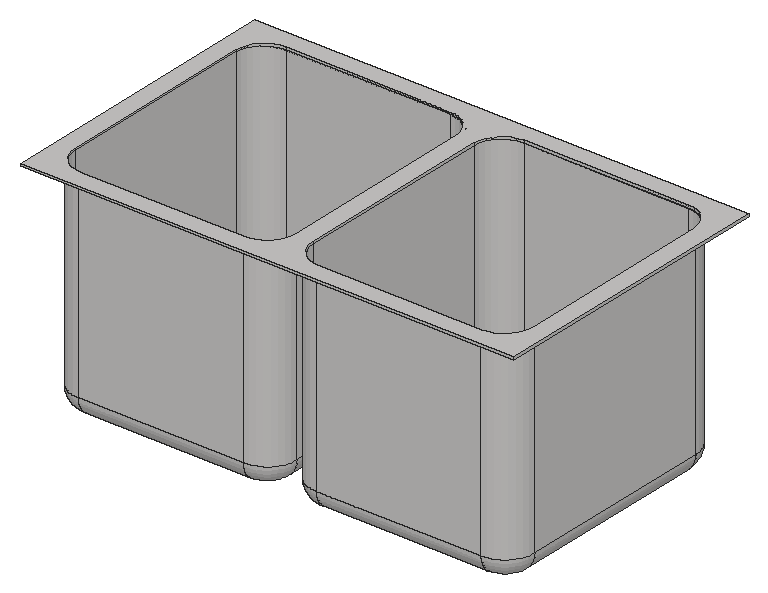
Revit family "QF_Vollrath_12122-1", category Specialty Equipment, Revit 2016
Family settings
  Part Type = Normal
  Round Connector Dimension = Use Diameter
  OmniClass Number = 23.40.40.14.31
  OmniClass Title = Cleaning and Disposal Equipment
  Work Plane-Based = Yes
  Always vertical = Yes
  Cut with Voids When Loaded = No
  Shared = No
  Room Calculation Point = No
Parameters
  Width = 2' - 3"
  Weight in Pounds = 0
  Watermarked By = "http://revitwatermark.com"
  URL Cutsheet = ""
  Status [instance] = ""
  Specification by User [instance] = ""
  Specification by Manufacturer [instance] = ""
  Sink Width = 2' - 1"
  Sink Depth = 1' - 2"
  Sink Basin Depth = 1' - 0"
  Serial Number [instance] = ""
  Seismic Rating [instance] = ""
  SMACNA No [instance] = ""
  Revision Code [instance] = ""
  NAFEM Spec ID Number [instance] = ""
  Model = "12122-1"
  Masterspec [instance] = ""
  Manufacturer = "Vollrath"
  Item Number [instance] = "-"
  Installed By [instance] = ""
  Indirect Waste Size = 2"
  Indirect Waste Flow [instance] = 0.00 GPM
  Indirect Waste Connection Type [instance] = ""
  Indirect Waste Connection Height [instance] = 0' - 0"
  Furnished By [instance] = ""
  Foodservice Equipment Identifier [instance] = yes
  Description = "Undermount Sink"  # constant formula
  Depth = 1' - 4"
  Default Elevation = 4' - 0"
  CSI MasterFormat = ""
Reference planes (in)
  plane 1 "BACK": y = 0
  plane 2 "BOTTOM": z = 0
  plane 3 "LEFT": x = 0
  plane 4 "RIGHT": x = 27
  plane 5 "FRONT": y = -16
  plane 6: x = 13.5
  plane 7: y = -8
  plane 8: y = -1
  plane 9: y = -15
  plane 10: x = 1
  plane 11: x = 26
  plane 12 "Sink Bottom": z = -12
  plane 13: x = 13
  plane 14: x = 14
  plane 15: x = 7
  plane 16: x = 20
  plane 17: y = -5.6875
Forms (in)
  Extrusion 1, solid, material "QF_Finishes_Stainless Steel"
    sketch origin (0, 0, 0) x (1, 0, 0) y (0, 1, 0)
      loop
        line (0, -16) -> (27, -16) -> (27, 0) -> (0, 0) -> (0, -16)
      loop
        arc (2.5, -1) -> (1.43934, -1.43934) -> (1, -2.5) r 1.5
        line (1, -2.5) -> (1, -13.5)
        arc (1, -13.5) -> (1.43934, -14.56066) -> (2.5, -15) r 1.5
        line (2.5, -15) -> (11.5, -15)
        arc (11.5, -15) -> (12.56066, -14.56066) -> (13, -13.5) r 1.5
        line (13, -13.5) -> (13, -2.5)
        arc (13, -2.5) -> (12.56066, -1.43934) -> (11.5, -1) r 1.5
        line (11.5, -1) -> (2.5, -1)
      loop
        arc (15.5, -1) -> (14.43934, -1.43934) -> (14, -2.5) r 1.5
        line (14, -2.5) -> (14, -13.5)
        arc (14, -13.5) -> (14.43934, -14.56066) -> (15.5, -15) r 1.5
        line (15.5, -15) -> (24.5, -15)
        arc (24.5, -15) -> (25.56066, -14.56066) -> (26, -13.5) r 1.5
        line (26, -13.5) -> (26, -2.5)
        arc (26, -2.5) -> (25.56066, -1.43934) -> (24.5, -1) r 1.5
        line (24.5, -1) -> (15.5, -1)
    from 0 to 0.125
  Sweep 2, solid, material "QF_Finishes_Stainless Steel"
    path in 3D
      loop
        arc (11.5, -1, 0.125) -> (12.56066, -1.43934, 0.125) -> (13, -2.5, 0.125) r 1.5
        line (13, -2.5, 0.125) -> (13, -13.5, 0.125)
        arc (13, -13.5, 0.125) -> (12.56066, -14.56066, 0.125) -> (11.5, -15, 0.125) r 1.5
        line (11.5, -15, 0.125) -> (2.5, -15, 0.125)
        arc (2.5, -15, 0.125) -> (1.43934, -14.56066, 0.125) -> (1, -13.5, 0.125) r 1.5
        line (1, -13.5, 0.125) -> (1, -2.5, 0.125)
        arc (1, -2.5, 0.125) -> (1.43934, -1.43934, 0.125) -> (2.5, -1, 0.125) r 1.5
        line (2.5, -1, 0.125) -> (11.5, -1, 0.125)
    profile origin (7, -1, 0.125) x (0, 1, 0) y (0, 0, 1)
      loop
        line (0.125, -0.125) -> (0, -0.125) -> (0, -11)
        arc (0, -11) -> (-0.29289, -11.70711) -> (-1, -12) r 1
        line (-1, -12) -> (-1, -12.125)
        arc (-1, -12.125) -> (-0.2045, -11.7955) -> (0.125, -11) r 1.125
        line (0.125, -11) -> (0.125, -0.125)
  Sweep 3, solid, material "QF_Finishes_Stainless Steel"
    path in 3D
      loop
        arc (24.5, -1, 0.125) -> (25.56066, -1.43934, 0.125) -> (26, -2.5, 0.125) r 1.5
        line (26, -2.5, 0.125) -> (26, -13.5, 0.125)
        arc (26, -13.5, 0.125) -> (25.56066, -14.56066, 0.125) -> (24.5, -15, 0.125) r 1.5
        line (24.5, -15, 0.125) -> (15.5, -15, 0.125)
        arc (15.5, -15, 0.125) -> (14.43934, -14.56066, 0.125) -> (14, -13.5, 0.125) r 1.5
        line (14, -13.5, 0.125) -> (14, -2.5, 0.125)
        arc (14, -2.5, 0.125) -> (14.43934, -1.43934, 0.125) -> (15.5, -1, 0.125) r 1.5
        line (15.5, -1, 0.125) -> (24.5, -1, 0.125)
    profile origin (20, -1, 0.125) x (0, 1, 0) y (0, 0, 1)
      loop
        line (0.125, -0.125) -> (0, -0.125) -> (0, -11)
        arc (0, -11) -> (-0.29289, -11.70711) -> (-1, -12) r 1
        line (-1, -12) -> (-1, -12.125)
        arc (-1, -12.125) -> (-0.2045, -11.7955) -> (0.125, -11) r 1.125
        line (0.125, -11) -> (0.125, -0.125)
  Extrusion 4, solid, material "QF_Finishes_Stainless Steel"
    sketch origin (0, 0, -12) x (-1, 0, 0) y (0, -1, 0)
      loop
        line (-11.5, 2) -> (-2.5, 2)
        arc (-2.5, 2) -> (-2.14645, 2.14645) -> (-2, 2.5) r 0.5
        line (-2, 2.5) -> (-2, 13.5)
        arc (-2, 13.5) -> (-2.14645, 13.85355) -> (-2.5, 14) r 0.5
        line (-2.5, 14) -> (-11.5, 14)
        arc (-11.5, 14) -> (-11.85355, 13.85355) -> (-12, 13.5) r 0.5
        line (-12, 13.5) -> (-12, 2.5)
        arc (-12, 2.5) -> (-11.85355, 2.14645) -> (-11.5, 2) r 0.5
      loop
        line (-15, 2.5) -> (-15, 13.5)
        arc (-15, 13.5) -> (-15.14645, 13.85355) -> (-15.5, 14) r 0.5
        line (-15.5, 14) -> (-24.5, 14)
        arc (-24.5, 14) -> (-24.85355, 13.85355) -> (-25, 13.5) r 0.5
        line (-25, 13.5) -> (-25, 2.5)
        arc (-25, 2.5) -> (-24.85355, 2.14645) -> (-24.5, 2) r 0.5
        line (-24.5, 2) -> (-15.5, 2)
        arc (-15.5, 2) -> (-15.14645, 2.14645) -> (-15, 2.5) r 0.5
      loop
        circle (-7, 5.6875) r 1.75
      loop
        circle (-20, 5.6875) r 1.75
    from 0 to 0.125
Lines and regions (in)
  sketch lines
    curve 1: line (2.5, -1, 0.125) -> (11.5, -1, 0.125)
    curve 2: arc (2.5, -1, 0.125) -> (1.43934, -1.43934, 0.125) -> (1, -2.5, 0.125) r 1.5
    curve 3: line (1, -13.5, 0.125) -> (1, -2.5, 0.125)
    curve 4: arc (1, -13.5, 0.125) -> (1.43934, -14.56066, 0.125) -> (2.5, -15, 0.125) r 1.5
    curve 5: line (11.5, -15, 0.125) -> (2.5, -15, 0.125)
    curve 6: arc (11.5, -15, 0.125) -> (12.56066, -14.56066, 0.125) -> (13, -13.5, 0.125) r 1.5
    curve 7: line (13, -2.5, 0.125) -> (13, -13.5, 0.125)
    curve 8: arc (13, -2.5, 0.125) -> (12.56066, -1.43934, 0.125) -> (11.5, -1, 0.125) r 1.5
    curve 9: line (15.5, -1, 0.125) -> (24.5, -1, 0.125)
    curve 10: arc (15.5, -1, 0.125) -> (14.43934, -1.43934, 0.125) -> (14, -2.5, 0.125) r 1.5
    curve 11: line (14, -13.5, 0.125) -> (14, -2.5, 0.125)
    curve 12: arc (14, -13.5, 0.125) -> (14.43934, -14.56066, 0.125) -> (15.5, -15, 0.125) r 1.5
    curve 13: line (24.5, -15, 0.125) -> (15.5, -15, 0.125)
    curve 14: arc (24.5, -15, 0.125) -> (25.56066, -14.56066, 0.125) -> (26, -13.5, 0.125) r 1.5
    curve 15: line (26, -2.5, 0.125) -> (26, -13.5, 0.125)
    curve 16: arc (26, -2.5, 0.125) -> (25.56066, -1.43934, 0.125) -> (24.5, -1, 0.125) r 1.5
  symbolic lines
    curve 17: line (0, 0, -12) -> (27, 0, -12)
    curve 18: line (0, -16, -12) -> (0, 0, -12)
    curve 19: line (27, -16, -12) -> (0, -16, -12)
    curve 20: line (27, 0, -12) -> (27, -16, -12)
  symbolic lines, style "QF_Surface Details"
    curve 21: circle (7, -5.6875, -12) r 1.75 normal (0, 0, -1)
    curve 22: circle (20, -5.6875, -12) r 1.75 normal (0, 0, -1)
    curve 23: line (11.5, -1, -12) -> (2.5, -1, -12)
    curve 24: arc (1, -2.5, -12) -> (1.43934, -1.43934, -12) -> (2.5, -1, -12) r 1.5
    curve 25: line (1, -2.5, -12) -> (1, -13.5, -12)
    curve 26: arc (2.5, -15, -12) -> (1.43934, -14.56066, -12) -> (1, -13.5, -12) r 1.5
    curve 27: line (2.5, -15, -12) -> (11.5, -15, -12)
    curve 28: arc (13, -13.5, -12) -> (12.56066, -14.56066, -12) -> (11.5, -15, -12) r 1.5
    curve 29: line (13, -13.5, -12) -> (13, -2.5, -12)
    curve 30: arc (11.5, -1, -12) -> (12.56066, -1.43934, -12) -> (13, -2.5, -12) r 1.5
    curve 31: arc (14, -2.5, -12) -> (14.43934, -1.43934, -12) -> (15.5, -1, -12) r 1.5
    curve 32: line (24.5, -1, -12) -> (15.5, -1, -12)
    curve 33: line (14, -2.5, -12) -> (14, -13.5, -12)
    curve 34: arc (15.5, -15, -12) -> (14.43934, -14.56066, -12) -> (14, -13.5, -12) r 1.5
    curve 35: line (15.5, -15, -12) -> (24.5, -15, -12)
    curve 36: arc (26, -13.5, -12) -> (25.56066, -14.56066, -12) -> (24.5, -15, -12) r 1.5
    curve 37: line (26, -13.5, -12) -> (26, -2.5, -12)
    curve 38: arc (24.5, -1, -12) -> (25.56066, -1.43934, -12) -> (26, -2.5, -12) r 1.5
Dimensions and locks (in)
  "Width": plane 3 "LEFT" to plane 4 "RIGHT"
  "Depth": plane 5 "FRONT" to plane 1 "BACK"
  "Sink Depth": plane 8 to plane 9
  equal spacing: plane 3 "LEFT", plane 6, plane 4 "RIGHT"
  equal spacing: plane 10, plane 6, plane 11
  "Sink Width": plane 10 to plane 11
  "Sink Basin Depth": level to plane 12 "Sink Bottom"
  equal spacing: plane 8, plane 7, plane 9
  plane 1 "BACK" to plane 8 = 0' - 1"
  plane 9 to plane 5 "FRONT" = 0' - 1"
  locked: plane 3 "LEFT" to plane 10 at 1
  plane 11 to plane 4 "RIGHT" = 0' - 1"
  plane 13 to plane 14 = 0' - 1"
  plane 8 to plane 17 = 0' - 4 11/16"
  equal spacing: plane 14, plane 16, plane 11
  equal spacing: plane 10, plane 15, plane 13
  aligned and locked: level to plane 2 "BOTTOM"
  aligned and locked: plane 5 "FRONT" to Extrusion 1 sketch curve
  aligned and locked: plane 4 "RIGHT" to Extrusion 1 sketch curve
  aligned and locked: Extrusion 1 sketch curve to plane 1 "BACK"
  aligned and locked: Extrusion 1 sketch curve to plane 8  (x2)
  aligned and locked: plane 10 to Extrusion 1 sketch curve
  aligned and locked: plane 9 to Extrusion 1 sketch curve  (x2)
  aligned and locked: Extrusion 1 sketch curve to plane 13
  aligned and locked: plane 14 to Extrusion 1 sketch curve
  aligned and locked: Extrusion 1 sketch curve to plane 11
  aligned and locked: Extrusion 4 sketch curve to Sweep 2  (x4)
  aligned and locked: Extrusion 4 sketch curve to Sweep 3  (x4)
Automatic sketch dimensions
  Extrusion 1 sketch curve to plane 3 "LEFT" = 0' - 0"
  Extrusion 1 sketch curve to plane 13 = 0' - 0"
  plane 10 to Extrusion 1 sketch curve = 0' - 1 1/2"  (x2)
  plane 9 to Extrusion 1 sketch curve = 0' - 1 1/2"  (x2)
  Extrusion 1 sketch curve to plane 8 = 0' - 1 1/2"
  plane 14 to Extrusion 1 sketch curve = 0' - 1 1/2"  (x2)
  Extrusion 1 sketch curve to plane 11 = 0' - 1 1/2"
  Sweep 2 sketch curve to Sweep 2 sketch curve = 0' - 0"
  Sweep 2 sketch curve to profile plane = 0' - 0"
  profile plane to Sweep 2 sketch curve = 0' - 1"
  Sweep 2 sketch curve to profile plane = 0' - 0 1/8"  (x2)
  Sweep 2 sketch curve to profile plane = 1' - 0 1/8"
  Sweep 3 sketch curve to Sweep 3 sketch curve = 0' - 0"
  Sweep 3 sketch curve to profile plane = 0' - 0"
  profile plane to Sweep 3 sketch curve = 0' - 1"
  Sweep 3 sketch curve to Sweep 3 sketch curve = 0' - 0 1/8"
  Sweep 3 sketch curve to profile plane = 1' - 0 1/8"
  Sweep 3 sketch curve to profile plane = 0' - 0 1/8"
  Extrusion 4 sketch curve to plane 16 = 0' - 0"
  Extrusion 4 sketch curve to plane 15 = 0' - 0"
  Extrusion 4 sketch curve to plane 17 = 0' - 0"  (x2)
  Extrusion 4 sketch curve to Extrusion 4 sketch curve = 0' - 0 1/2"  (x8)
  plane 1 "BACK" to curve 17 = 0' - 0"
  curve 17 to plane 4 "RIGHT" = 0' - 0"
  curve 22 to plane 16 = 0' - 0"
  curve 21 to plane 15 = 0' - 0"
  curve 18 to plane 3 "LEFT" = 0' - 0"
  curve 21 to plane 17 = 0' - 0"
  curve 22 to plane 17 = 0' - 0"
  plane 5 "FRONT" to curve 20 = 0' - 0"
  curve 23 to plane 8 = 0' - 0"
  curve 24 to plane 10 = 0' - 0"
  plane 10 to curve 24 = 0' - 1 1/2"
  plane 9 to curve 25 = 0' - 1 1/2"
  curve 26 to plane 9 = 0' - 0"
  curve 27 to plane 13 = 0' - 1 1/2"
  curve 28 to plane 13 = 0' - 0"
  curve 29 to plane 8 = 0' - 1 1/2"
  curve 32 to plane 8 = 0' - 0"
  curve 31 to plane 14 = 0' - 0"
  plane 14 to curve 31 = 0' - 1 1/2"
  curve 29 to curve 33 = 0' - 0"
  curve 34 to plane 9 = 0' - 0"
  curve 35 to plane 11 = 0' - 1 1/2"
  curve 36 to plane 11 = 0' - 0"
  curve 37 to plane 8 = 0' - 1 1/2"
  radius of Extrusion 4 sketch curve = 0' - 1 3/4"  (x2)
  radius of curve 21 = 0' - 1 3/4"
  radius of curve 22 = 0' - 1 3/4"
Connectors (in)
  piping at (7, -5.6875, -12), diameter 2, driven by "Indirect Waste Flow"
    settings: on Extrusion 4, index 1, connector inside diameter 2", connector length 0' - 0", flow factor 0, pipe flow 0.00 GPM, pressure drop 0.00 psi, fitting loss kfactor 0, connector angle 0.00°, fixture units 0, engagement length 0' - 0", angle of deflection 0.00°, flow configuration 1, flow direction 2, fitting loss method 0, system type 16, joint type 0, gender type 0, connector reference index -1, connector utility 0, adjustable connector no, is connector primary yes, connector description "IW"
  piping at (20, -5.6875, -12), diameter 2, driven by "Indirect Waste Flow"
    settings: on Extrusion 4, index 2, connector inside diameter 2", connector length 0' - 0", flow factor 0, pipe flow 0.00 GPM, pressure drop 0.00 psi, fitting loss kfactor 0, connector angle 0.00°, fixture units 0, engagement length 0' - 0", angle of deflection 0.00°, flow configuration 1, flow direction 2, fitting loss method 0, system type 16, joint type 0, gender type 0, connector reference index -1, connector utility 0, adjustable connector no, is connector primary no, connector description "IW"
